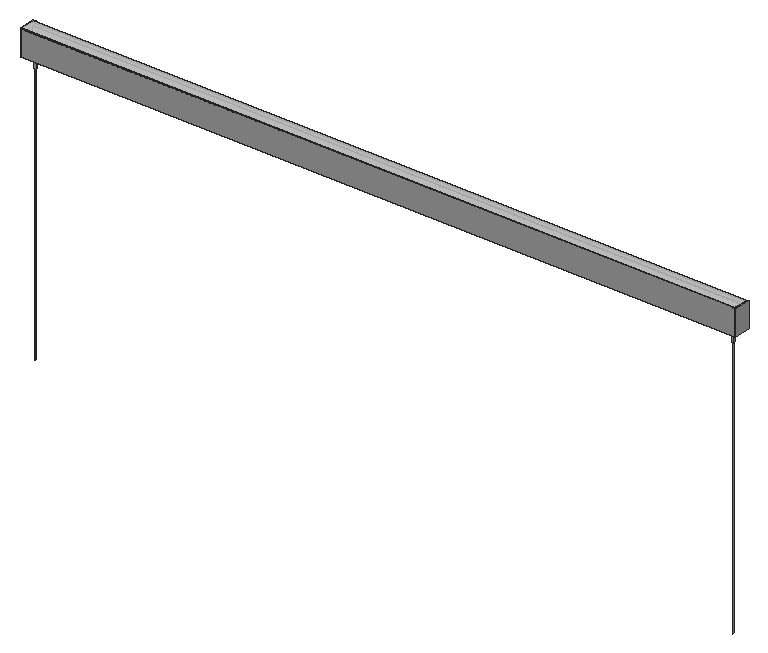
Revit family "2093149 Sylvania Lighting Fixture MC2-KIT 2-4M 3K DALI WHT OPAL", category Lighting Fixtures, host Face, Revit 2016
Family settings
  Host = Face
  Part Type = Normal
  Round Connector Dimension = Use Diameter
  OmniClass Number = 23.80.70.11.17
  OmniClass Title = Specialized Lighting by Location or Use
  Cut with Voids When Loaded = No
  Light Source = Yes
  Shared = No
  Room Calculation Point = No
Parameters (values of type "2093149 MC2-KIT 2.4M 3K DALI WHT OPAL")
  Width_SYL = 54.0 mm
  Weight = "6.3 kg"
  Wattage = 42 W
  WarrantyStartDate [instance] = "n/a"
  WarrantyGuarantorParts = "n/a"
  WarrantyDurationUnit = "n/a"
  WarrantyDurationParts = "n/a"
  WarrantyDescription = "n/a"
  built-in parameter 1150110 = 1 (stored number, unit not read)
  Voltage = 0 V
  URL = "http://www.sylvania-lighting.com"
  TypeName = "MC2-KIT 2.4M 3K DALI WHT OPAL"
  built-in parameter 1114217 = 1 (stored number, unit not read)
  Tilt Angle = -90.00°
  built-in parameter 1150109 = 1 (stored number, unit not read)
  built-in parameter 1150134 = (empty or 0)
  built-in parameter 1150113 = 1 (stored number, unit not read)
  SerialNumber [instance] = "n/a"
  PowerFactor = 0.98
  PowerConsumption = "42 W"
  NominalWidth = 0.0 mm
  NominalLength = 2400.0 mm
  NominalHeight = 86.0 mm
  Name = "MC2-KIT 2.4M 3K DALI WHT OPAL"
  ModelReference = "MC2-KIT 2.4M 3K DALI WHT OPAL"
  ModelNumber = "2093149"
  Material_3_SYL = Metal_Sylvania_Mini Contiuum II_Silver
  Photometric Web File = "2093149.ies"
  Material_4_SYL = Metal_Sylvania_Mini Contiuum II_Silver
  MountingHeight_SYL [instance] = 1000.0 mm
  Material = "aluminium housing, polycarbonate diffuser"
  ManufacturerName = "Feilo Sylvania"
  LuminousEfficacy = "105 lm/W"
  LuminaireType = ""
  LightOutputRatio = "100"
  Length_SYL = 2400.0 mm
  LampsType = Lamp  # "LED"
  LampNominalLuminous = "4414 lm"
  LampMacAdamStep = "3"
  LampColourTemperature = "3000 K"
  LampColourRenderingIndex = "80"
  Keynote = "16500"
  InstallationDate [instance] = "n/a"
  InputVoltage = "n/a"
  InputNominalFrequency = "n/a"
  IngressProtection = "IP20"
  ImpactProtectionIndex = "n/a"
  IfcExportType = "IfcLightFixtureType"
  IfcExportAs = "IfcLightFixtureType"
  Height_SYL = 86.0 mm
  ExpectedLife = 50000
  Emit from Rectangle Width = Width_SYL - 2.0 mm  # 52.0 mm
  Emit from Rectangle Length = Length_SYL  # 2400.0 mm
  Emit Shape Visible in Rendering = no
  ElectricShockClassification = "Class I"
  DurationUnit = "hours"
  DocumentationLiterature = "http://www.sylvania-lighting.com/product/en-int/products/2093149"
  DimmingControlOptions = "n/a"
  CreatedOn = "10/15/2018"
  CreatedBy = "@sylvania-lighting.com"
  built-in parameter 1114216 [instance] = 1 (stored number, unit not read)
  Model = "MC2-KIT 2.4M 3K DALI WHT OPAL"
  Manufacturer = "Feilo Sylvania"
  built-in parameter 1150105 = 350.94 (stored number, unit not read)
  Lumens = 4410 lm
  built-in parameter 1150115 = 1 (stored number, unit not read)
  built-in parameter 1150137 = (empty or 0)
  built-in parameter 1150139 = (empty or 0)
  built-in parameter 1150112 = 1 (stored number, unit not read)
  built-in parameter 1150114 = 1 (stored number, unit not read)
  Lamp = "LED"
  built-in parameter 1150132 = 2
  built-in parameter 1150102 = (empty or 0)
  built-in parameter 1150107 = 3000 (stored number, unit not read)
  built-in parameter 1150138 = (empty or 0)
  built-in parameter 1150106 = 3.5094 (stored number, unit not read)
  Material_1_SYL = Metal_Sylvania_Mini Continuum II_White
  built-in parameter 1150104 = 9.7548 (stored number, unit not read)
  Dimming Lamp Color Temperature Shift = <None>
  Material_2_SYL = Polycarbonate_Sylvania_Mini Continuum II_Opal_4000K
  Description = "2093149   MC2-KIT 2.4M 3K DALI WHT OPAL  Continuous lines of LED light, white RAL 9016, direct distribution, suspended kit version is pre-wired and supplied complete with end caps and suspension cables, compact and minimalist design based on the Golden Mean, ideal for offices, meeting rooms, corridors, education facilities, museums and libraries, extruded aluminium body, diffuser: opal, colour temperature: 3000K warm white, total system power: 42W, total fixture output: 4414lm, luminaire efficacy: 105lm/W, LOR: 100%, colour rendering: Ra >80, LED Chromacity: 1 step MacAdam ellipse, lifetime: 60,000 hours at 90% of the original output (L90), energy class: A++, A+, A, IR/UV free light source without heat radiation, operating voltage: 220-240V / 50-60Hz, drive current: 800mA, electronic driver, DALI dimmable, electrical protection: CLASS I, IP20, suitable for internal environment only."
  Default Elevation = 0.0 mm
  Color Filter = 16777215
  built-in parameter 1140040 [instance] = 1
  BarCode [instance] = "n/a"
  built-in parameter 1114218 = 1 (stored number, unit not read)
  built-in parameter 1150133 = 10 (stored number, unit not read)
  AssetType = "Fixed"
  AssetIdentifier [instance] = "n/a"
  Assembly Code = "D5020200"
  Apparent Load = 42 VA
Reference planes
  plane 1 "Center (Front/Back)": y = 0
  plane 2 "Bottom Fixtures": z = 0
  plane 3 "Center (Left/Right)": x = 0
  plane 4 "Fixture Left": x = -1200
  plane 5 "Fixture Right": x = 1200
  plane 6 "Fixture Bottom": z = 1000
  plane 7: z = 998
  plane 8: z = 996
  plane 9: z = 986.951
  plane 10: z = 956.951
  plane 11 "Fixture Top": z = 914
  plane 12 "Mounting Right": x = 1172
  plane 13 "Mounting Left": x = -1172
  plane 14: z = 879
  plane 15: y = 27
  plane 16: y = -27
  plane 17: y = -26
  plane 18: y = -25
  plane 19: y = 26
  plane 20: y = 25
  plane 21: y = 11
  plane 22: y = -11
  plane 23: y = 24
  plane 24: y = 22
  plane 25: y = -22
  plane 26: y = 15
  plane 27: y = -15
  plane 28 "Upper Diffuser Left": x = -1050
  plane 29 "Upper Diffuser Right": x = 1050
  plane 30: x = -1202
  plane 31: x = 1202
Forms (mm)
  Extrusion 1, solid, material "Metal_Sylvania_Mini Continuum II_White" <- "Material_1_SYL", detail levels fine
    sketch origin (0, 0, 520) x (0, 1, 0) y (0, 0, 1)
      loop
        line (27, 480) -> (26, 480) -> (26, 478) -> (25, 478) -> (25, 396) -> (13, 396) -> (13, 398) -> (-13, 398) -> (-13, 396) -> (-25, 396) -> (-25, 478) -> (-26, 478) -> (-26, 480) -> (-27, 480) -> (-27, 394) -> (-11, 394) -> (-11, 396) -> (11, 396) -> (11, 394) -> (27, 394) -> (27, 480)
    from -1200 to 1200
  Extrusion 2, solid, material "Polycarbonate_Sylvania_Mini Continuum II_Opal_4000K" <- "Material_2_SYL", detail levels fine
    sketch origin (0, 0, 520) x (0, 1, 0) y (0, 0, 1)
      loop
        line (-26, 480) -> (-26, 478) -> (26, 478) -> (26, 480) -> (-26, 480)
    from -1200 to 1200
  Extrusion 3, solid, material "Metal_Sylvania_Mini Contiuum II_Silver" <- "Material_3_SYL", detail levels fine
    sketch origin (0, 0, 520) x (0, 1, 0) y (0, 0, 1)
      loop
        line (22, 466.951) -> (20.973, 466.951) -> (14.206, 437.951) -> (11, 437.951) -> (11, 436.951) -> (15, 436.951) -> (22, 466.951)
      loop
        line (-15, 436.951) -> (-11, 436.951) -> (-11, 437.951) -> (-14.206, 437.951) -> (-20.973, 466.951) -> (-22, 466.951) -> (-15, 436.951)
    from -1200 to 1200
  Extrusion 4, solid, material "Metal_Sylvania_Mini Continuum II_White" <- "Material_1_SYL", detail levels coarse+medium
    sketch origin (0, 0, 520) x (0, 1, 0) y (0, 0, 1)
      loop
        line (-27, 480) -> (-27, 394) -> (27, 394) -> (27, 480) -> (-27, 480)
    from -1200 to 1200
  Extrusion 5, solid, material "Metal_Sylvania_Mini Contiuum II_Silver" <- "Material_4_SYL", detail levels fine
    sketch origin (0, 0, -86) x (-1, 0, 0) y (0, -1, 0)
      loop
        circle (1172, 0) r 4
      loop
        circle (-1172, 0) r 4
    from 965 to 1002
  Extrusion 6, solid, material "Metal_Sylvania_Mini Contiuum II_Silver" <- "Material_4_SYL", detail levels fine
    sketch origin (0, 0, -86) x (-1, 0, 0) y (0, -1, 0)
      loop
        circle (-1172, 0) r 1
      loop
        circle (1172, 0) r 1
    from 86 to 965
  Extrusion 7, solid, material "Metal_Sylvania_Mini Continuum II_White" <- "Material_1_SYL"
    sketch origin (-1200, 171.684, 1219.2) x (0, 1, 0) y (0, 0, 1)
      loop
        line (-198.684, -305.2) -> (-144.684, -305.2) -> (-144.684, -219.2) -> (-198.684, -219.2) -> (-198.684, -305.2)
    from 0 to -2
  Extrusion 8, solid, material "Metal_Sylvania_Mini Continuum II_White" <- "Material_1_SYL"
    sketch origin (1200, 171.684, 1219.2) x (0, 1, 0) y (0, 0, -1)
      loop
        line (-144.684, 219.2) -> (-144.684, 305.2) -> (-198.684, 305.2) -> (-198.684, 219.2) -> (-144.684, 219.2)
    from 0 to -2
Lines and regions (mm)
  Masking region 1
    outline origin (0, 0, -86) x (-1, 0, 0) y (0, -1, 0)
      loop
        line (1200, -27) -> (1200, 27) -> (-1200, 27) -> (-1200, -27) -> (1200, -27)
  symbolic lines, detail levels fine
    curve 1: line (-1200, 26, -86) -> (1200, 26, -86)
    curve 2: line (-1200, -26, -86) -> (1200, -26, -86)
  model lines, detail levels coarse+medium
    curve 3: line (-1172, 0, 914) -> (-1172, 0, 0)
    curve 4: line (1172, 0, 914) -> (1172, 0, 0)
Dimensions and locks
  host sketch curve to plane 3 "Center (Left/Right)" to host sketch curve = 820.0 mm, 775.047 mm
  equal spacing: plane 4 "Fixture Left", plane 3 "Center (Left/Right)", plane 5 "Fixture Right"
  "Length_SYL": plane 4 "Fixture Left" to plane 5 "Fixture Right"
  plane 6 "Fixture Bottom" to plane 7 to plane 8 to plane 9 to plane 10 = 2.0 mm locked, 2.0 mm locked, 9.049 mm locked, 30.0 mm locked
  locked: Extrusion 1 sketch curve to Extrusion 1 sketch curve at 2
  locked: Extrusion 1 sketch curve to plane 11 "Fixture Top" at 2
  "Height_SYL": plane 6 "Fixture Bottom" to plane 11 "Fixture Top"
  locked: plane 12 "Mounting Right" to plane 5 "Fixture Right" at 28
  locked: plane 4 "Fixture Left" to plane 13 "Mounting Left" at 28
  locked: plane 11 "Fixture Top" to plane 14 at 35
  "MountingHeight_SYL": plane 6 "Fixture Bottom" to plane 2 "Bottom Fixtures"
  equal spacing: plane 15, plane 1 "Center (Front/Back)", plane 16
  "Width_SYL": plane 15 to plane 16
  plane 22 to plane 27 to plane 25 to plane 18 to plane 17 to plane 16 = 4.0 mm locked, 7.0 mm locked, 3.0 mm locked, 1.0 mm locked, 1.0 mm locked
  plane 15 to plane 19 to plane 20 to plane 23 to plane 24 to plane 26 to plane 21 = 1.0 mm locked, 1.0 mm locked, 1.0 mm locked, 2.0 mm locked, 7.0 mm locked, 4.0 mm locked
  locked: plane 4 "Fixture Left" to plane 28 "Upper Diffuser Left" at 150
  locked: plane 29 "Upper Diffuser Right" to plane 5 "Fixture Right" at 150
  equal spacing: plane 30, plane 3 "Center (Left/Right)", plane 31
  locked: plane 30 to plane 4 "Fixture Left" at 2
  aligned and locked: plane 2 "Bottom Fixtures" to host face
  aligned and locked: level to host face
  aligned and locked: plane 5 "Fixture Right" to curve 1
  aligned and locked: plane 4 "Fixture Left" to curve 1
  aligned and locked: plane 4 "Fixture Left" to curve 2
  aligned and locked: plane 5 "Fixture Right" to curve 2
  aligned and locked: Extrusion 1 sketch curve to plane 7
  aligned and locked: plane 6 "Fixture Bottom" to Extrusion 1 sketch curve  (x2)
  aligned and locked: plane 7 to Extrusion 1 sketch curve
  aligned and locked: Extrusion 1 to Extrusion 2 sketch curve
  aligned and locked: Extrusion 2 sketch curve to Extrusion 1  (x3)
  aligned and locked: Extrusion 3 sketch curve to plane 10
  aligned and locked: plane 9 to Extrusion 3 sketch curve
  aligned and locked: Extrusion 3 sketch curve to plane 9
  aligned and locked: Extrusion 4 sketch curve to plane 6 "Fixture Bottom"
  aligned and locked: Extrusion 4 to plane 4 "Fixture Left"
  aligned and locked: Extrusion 2 to plane 4 "Fixture Left"
  aligned and locked: Extrusion 3 to plane 4 "Fixture Left"
  aligned and locked: Extrusion 1 to plane 4 "Fixture Left"
  aligned and locked: Extrusion 4 to plane 5 "Fixture Right"
  aligned and locked: Extrusion 2 to plane 5 "Fixture Right"
  aligned and locked: Extrusion 3 to plane 5 "Fixture Right"
  aligned and locked: Extrusion 1 to plane 5 "Fixture Right"
  aligned and locked: plane 11 "Fixture Top" to Extrusion 4 sketch curve
  aligned and locked: Extrusion 1 sketch curve to plane 11 "Fixture Top"  (x2)
  aligned and locked: Extrusion 1 sketch curve to Extrusion 1 sketch curve
  aligned and locked: plane 6 "Fixture Bottom" to imposter light
  aligned and locked: plane 11 "Fixture Top" to curve 3
  aligned and locked: plane 2 "Bottom Fixtures" to curve 3
  aligned and locked: plane 11 "Fixture Top" to curve 4
  aligned and locked: plane 2 "Bottom Fixtures" to curve 4
  aligned and locked: curve 4 to plane 12 "Mounting Right"
  aligned and locked: curve 3 to plane 13 "Mounting Left"
  aligned and locked: Extrusion 5 to Extrusion 1
  aligned and locked: Extrusion 5 to plane 14
  aligned and locked: plane 14 to Extrusion 6
  aligned and locked: Extrusion 6 to level
  aligned and locked: plane 21 to Extrusion 3 sketch curve
  aligned and locked: Extrusion 3 sketch curve to plane 22
  aligned and locked: Extrusion 7 sketch curve to Extrusion 4  (x4)
  aligned and locked: Extrusion 7 to plane 30
  aligned and locked: plane 4 "Fixture Left" to Extrusion 7
  aligned and locked: Extrusion 8 sketch curve to Extrusion 4  (x4)
  aligned and locked: plane 31 to Extrusion 8
  aligned and locked: plane 5 "Fixture Right" to Extrusion 8
Automatic sketch dimensions
  host sketch curve to host sketch curve = 1047.463 mm
  plane 19 to curve 1 = 0.0 mm
  curve 2 to plane 17 = 0.0 mm
  Masking region 1 sketch curve to plane 5 "Fixture Right" = 0.0 mm
  Masking region 1 sketch curve to plane 4 "Fixture Left" = 0.0 mm
  plane 15 to Masking region 1 sketch curve = 0.0 mm
  Masking region 1 sketch curve to plane 16 = 0.0 mm
  Extrusion 1 sketch curve to plane 16 = 0.0 mm
  Extrusion 1 sketch curve to plane 17 = 0.0 mm
  Extrusion 1 sketch curve to plane 18 = 0.0 mm
  Extrusion 1 sketch curve to plane 22 = 0.0 mm
  Extrusion 1 sketch curve to plane 21 = 0.0 mm
  Extrusion 1 sketch curve to plane 20 = 0.0 mm
  Extrusion 1 sketch curve to plane 19 = 0.0 mm
  Extrusion 1 sketch curve to plane 15 = 0.0 mm
  plane 11 "Fixture Top" to Extrusion 1 sketch curve = 2.0 mm
  Extrusion 1 sketch curve to plane 22 = 2.0 mm
  Extrusion 1 sketch curve to plane 21 = 2.0 mm
  Extrusion 3 sketch curve to plane 25 = 0.0 mm
  Extrusion 3 sketch curve to plane 27 = 0.0 mm
  Extrusion 3 sketch curve to plane 26 = 0.0 mm
  Extrusion 3 sketch curve to plane 24 = 0.0 mm
  plane 10 to Extrusion 3 sketch curve = 1.0 mm
  Extrusion 3 sketch curve to Extrusion 3 sketch curve = 1.027 mm
  plane 27 to Extrusion 3 sketch curve = 0.794 mm
  plane 26 to Extrusion 3 sketch curve = 0.794 mm
  plane 24 to Extrusion 3 sketch curve = 1.027 mm
  Extrusion 4 sketch curve to plane 16 = 0.0 mm
  Extrusion 4 sketch curve to plane 15 = 0.0 mm
  plane 1 "Center (Front/Back)" to Extrusion 5 sketch curve = 0.0 mm  (x2)
  Extrusion 5 sketch curve to plane 12 "Mounting Right" = 0.0 mm
  Extrusion 5 sketch curve to plane 13 "Mounting Left" = 0.0 mm
  plane 1 "Center (Front/Back)" to Extrusion 6 sketch curve = 0.0 mm  (x2)
  Extrusion 6 sketch curve to plane 12 "Mounting Right" = 0.0 mm
  Extrusion 6 sketch curve to plane 13 "Mounting Left" = 0.0 mm
  Extrusion 3 sketch curve to Extrusion 3 sketch curve = 0.0 mm
  Extrusion 3 sketch curve to plane 10 = 0.0 mm
  radius of Extrusion 5 sketch curve = 4.0 mm  (x2)
  radius of Extrusion 6 sketch curve = 1.0 mm  (x2)
Connectors
  electrical at (1200, 0, 949), driven by "Apparent Load"
    settings: on Extrusion 1, index 1, voltage 230 V, apparent load 0 VA, apparent load phase1 42 VA, apparent load phase2 0 VA, apparent load phase3 0 VA, power factor 1, load classification "Lighting", number of poles 1, system type 31, power factor state 1, is connector primary yes, connector utility no, sub classification motor no, connector description ""
